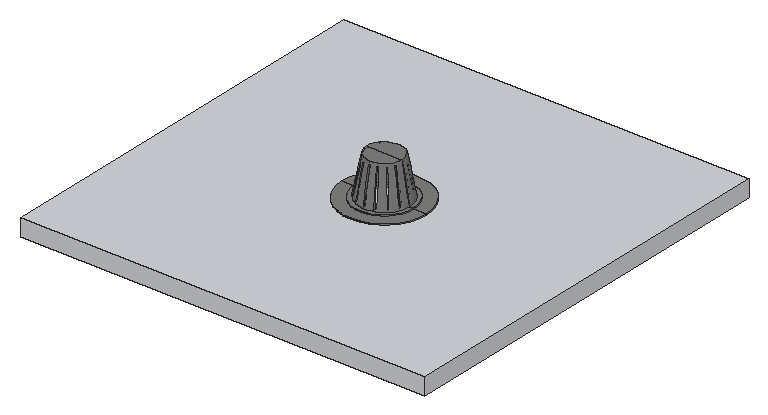
Revit family
Parameters (values of type "4"")
  URL = "WWW.MIFAB.COM"
  Top Diameter = 20.000"  # constant formula
  Roof Drain = Roof Drain
  R1 = 5.000"
  Pipe Radius = 2.000"
  Pipe Diameter = Pipe Radius * 2  # 4.000"
  Model = "R1200-Z"
  Manufacturer = "MIFAB"
  H3 = Body Height / 3.375  # 1.81481"
  H2 = Body Height / 1.99  # 3.07789"
  H1 = Body Height / 1.53  # 4.00327"
  Description = "LARGE SUMP DEXOTEX ROOF DRAIN WITH WIDE DECK FLANGE FOR LIQUID MEMBRANE ROOF"
  Default Elevation = 48.000"
  Body Height = 6.125"
Types (7): name | Pipe Radius | Pipe Diameter | H3 | H2 | H1 | Body Height
  (no name) | 2.000" | 4.000" | 1.81481" | 3.07789" | 4.00327" | 6.125"
  4" | 2.000" | 4.000" | 1.81481" | 3.07789" | 4.00327" | 6.125"
  2" | 1.000" | 2.000" | 1.81481" | 3.07789" | 4.00327" | 6.125"
  3" | 1.500" | 3.000" | 1.81481" | 3.07789" | 4.00327" | 6.125"
  5" | 2.500" | 5.000" | 1.81481" | 3.07789" | 4.00327" | 6.125"
  6" | 3.000" | 6.000" | 2.37037" | 4.0201" | 5.22876" | 8.000"
  8" | 4.000" | 8.000" | 2.37037" | 4.0201" | 5.22876" | 8.000"
Reference planes (in)
  plane 1 "Center (Front/Back)": y = 0
  plane 2: z = 0
  plane 3 "Center (Left/Right)": x = 0
  plane 4: x = 2.2
  plane 5: x = 4.25
  plane 6: x = 4.5
  plane 7: x = 5
  plane 8: x = 10
  plane 9: x = 2
  plane 10: z = -6.125
  plane 11: z = -4.00327
  plane 12: z = -3.07789
  plane 13: z = -0.2
  plane 14: z = 0.2085
  plane 15: z = -1.81481
  plane 16: x = 4.2
  plane 17: z = 9.7
  plane 18: x = 6
  plane 19: x = -0.25
  plane 20: x = 0.25
  plane 21: z = 9.2
  plane 22: z = 0.7085
  plane 23: x = -10
  plane 24: x = -4.2
  plane 25: z = 3.5
  plane 26: x = 7
  plane 27: x = -7
Forms (in)
  Extrusion 1, solid
    sketch origin (0, 0, 0) x (1, 0, 0) y (0, 1, 0)
      loop
        line (-48, 48) -> (-48, -48) -> (48, -48) -> (48, 48) -> (-48, 48)
    from 0 to -4
  Revolve 2, solid, material "Roof Drain" <- "Roof Drain"
    sketch origin (0, 0, 0) x (1, 0, 0) y (0, 0, 1)
      loop
        line (2.2, -6.125) -> (2.2, -4.00327) -> (4.25, -4.00327) -> (4.5, -0.2) -> (5, -0.2) -> (5, 0) -> (10, 0) -> (10, 0.2085) -> (7, 0.2085) -> (7, 0.396) -> (4.32629, 0.396) -> (4.05026, -3.80327) -> (2, -3.80327) -> (2, -6.125) -> (2.2, -6.125)
      axis (0, 0.396) -> (0, -6.125)
    angle from 0 to 360
  Revolve 3, solid, material "Roof Drain" <- "Roof Drain"
    sketch origin (0, 0, 0) x (1, 0, 0) y (0, 0, 1)
      loop
        line (0, 9.7) -> (0, 9.5) -> (4.03436, 9.5) -> (5.76088, 0.396) -> (5.96444, 0.396) -> (4.2, 9.7) -> (0, 9.7)
      axis (0, 0.396) -> (0, 9.7)
    angle from 0 to 360
  Extrusion 4, void
    sketch origin (0, 0, 0) x (1, 0, 0) y (0, 0, 1)
      loop
        line (-0.25, 9.2) -> (-0.25, 0.7085) -> (0.25, 0.7085) -> (0.25, 9.2) -> (-0.25, 9.2)
    from -6.43838 to 6.34689
  Extrusion 5, void
    sketch origin (0, 0, 0) x (0.92388, -0.382683, 0) y (0, 0, 1)
      loop
        line (-0.25, 9.2) -> (-0.25, 0.7085) -> (0.25, 0.7085) -> (0.25, 9.2) -> (-0.25, 9.2)
    from -6.43838 to 6.34689
  Extrusion 6, void
    sketch origin (0, 0, 0) x (0.92388, 0.382683, 0) y (0, 0, 1)
      loop
        line (-0.25, 9.2) -> (-0.25, 0.7085) -> (0.25, 0.7085) -> (0.25, 9.2) -> (-0.25, 9.2)
    from -6.43838 to 6.34689
  Extrusion 7, void
    sketch origin (0, 0, 0) x (0.707107, 0.707107, 0) y (0, 0, 1)
      loop
        line (-0.25, 9.2) -> (-0.25, 0.7085) -> (0.25, 0.7085) -> (0.25, 9.2) -> (-0.25, 9.2)
    from -6.43838 to 6.34689
  Extrusion 8, void
    sketch origin (0, 0, 0) x (0.382683, 0.92388, 0) y (0, 0, 1)
      loop
        line (-0.25, 9.2) -> (-0.25, 0.7085) -> (0.25, 0.7085) -> (0.25, 9.2) -> (-0.25, 9.2)
    from -6.43838 to 6.34689
  Extrusion 9, void
    sketch origin (0, 0, 0) x (0, 1, 0) y (0, 0, 1)
      loop
        line (-0.25, 9.2) -> (-0.25, 0.7085) -> (0.25, 0.7085) -> (0.25, 9.2) -> (-0.25, 9.2)
    from -6.43838 to 6.34689
  Extrusion 10, void
    sketch origin (0, 0, 0) x (-0.382683, 0.92388, 0) y (0, 0, 1)
      loop
        line (-0.25, 9.2) -> (-0.25, 0.7085) -> (0.25, 0.7085) -> (0.25, 9.2) -> (-0.25, 9.2)
    from -6.43838 to 6.34689
  Extrusion 11, void
    sketch origin (0, 0, 0) x (-0.707107, 0.707107, 0) y (0, 0, 1)
      loop
        line (-0.25, 9.2) -> (-0.25, 0.7085) -> (0.25, 0.7085) -> (0.25, 9.2) -> (-0.25, 9.2)
    from -6.43838 to 6.34689
Cuts and joins
  Extrusion 4, Extrusion 5, Extrusion 6, Extrusion 7, Extrusion 8, Extrusion 9, Extrusion 10, Extrusion 11 cuts Revolve 3
Dimensions and locks (in)
  "Pipe Radius": plane 9 to plane 3 "Center (Left/Right)"
  locked: plane 4 to plane 9 at 0.2
  "R1": plane 7 to plane 3 "Center (Left/Right)"
  locked: plane 5 to plane 3 "Center (Left/Right)" at 4.25
  locked: plane 6 to plane 3 "Center (Left/Right)" at 4.5
  "Body Height": level to plane 10
  level to plane 13 = 0.200"
  "H3": level to plane 15
  "H2": Extrusion 1 to plane 12
  "H1": level to plane 11
  locked: plane 18 to plane 3 "Center (Left/Right)" at 6
  locked: plane 17 to Revolve 3 sketch curve at 0.2
  locked: Revolve 3 sketch curve to Revolve 3 sketch curve at 0.2
  locked: Revolve 2 sketch curve to Revolve 2 sketch curve at 0.2
  locked: Revolve 2 sketch curve to Revolve 2 sketch curve at 0.21243
  locked: plane 17 to plane 21 at 0.5
  locked: plane 22 to plane 14 at 0.5
  equal spacing: plane 23, plane 3 "Center (Left/Right)", plane 8
  "Top Diameter": plane 23 to plane 8
  plane 24 to plane 16 = 8.400"
  plane 24 to plane 3 "Center (Left/Right)" to plane 16 = 4.200" locked, 4.200" locked
  plane 25 to level = 3.500"
  equal spacing: plane 26, plane 3 "Center (Left/Right)", plane 27
  plane 26 to plane 27 = 14.000"
  aligned and locked: plane 2 to Extrusion 1
  aligned and locked: level to Extrusion 1
  aligned and locked: Revolve 2 sketch curve to plane 10
  aligned and locked: Revolve 2 sketch curve to plane 4
  aligned and locked: Revolve 2 sketch curve to plane 13
  aligned and locked: Revolve 2 sketch curve to plane 7
  aligned and locked: Extrusion 1 to Revolve 2 sketch curve
  aligned and locked: Revolve 2 sketch curve to plane 14
  aligned and locked: Revolve 2 sketch curve to plane 3 "Center (Left/Right)"
  aligned and locked: plane 9 to Revolve 2 sketch curve
  aligned and locked: Revolve 2 sketch curve to plane 11
  aligned and locked: plane 3 "Center (Left/Right)" to Revolve 3 sketch curve  (x2)
  aligned and locked: Revolve 3 sketch curve to plane 17
  aligned and locked: plane 16 to Revolve 3 sketch curve
  aligned and locked: Revolve 2 sketch curve to plane 8
  aligned and locked: Revolve 2 to Revolve 3 sketch curve
Automatic sketch dimensions
  Extrusion 1 sketch curve to Extrusion 1 sketch curve = 96.000"  (x2)
  Revolve 3 sketch curve to plane 18 = 0.03556"
  Revolve 3 sketch curve to Revolve 3 sketch curve = 5.000"
  Revolve 3 sketch curve to Revolve 3 sketch curve = 1.750"
  Extrusion 4 sketch curve to Extrusion 4 sketch curve = 0.500"
  Extrusion 4 sketch curve to Extrusion 4 sketch curve = 8.4915"
  Extrusion 5 sketch curve to Extrusion 5 sketch curve = 0.500"
  Extrusion 5 sketch curve to Extrusion 5 sketch curve = 8.4915"
  Extrusion 6 sketch curve to Extrusion 6 sketch curve = 0.500"
  Extrusion 6 sketch curve to Extrusion 6 sketch curve = 8.4915"
  Extrusion 7 sketch curve to Extrusion 7 sketch curve = 0.500"
  Extrusion 7 sketch curve to Extrusion 7 sketch curve = 8.4915"
  Extrusion 8 sketch curve to Extrusion 8 sketch curve = 0.500"
  Extrusion 8 sketch curve to Extrusion 8 sketch curve = 8.4915"
  Extrusion 9 sketch curve to Extrusion 9 sketch curve = 0.500"
  Extrusion 9 sketch curve to Extrusion 9 sketch curve = 8.4915"
  Extrusion 10 sketch curve to Extrusion 10 sketch curve = 0.500"
  Extrusion 10 sketch curve to Extrusion 10 sketch curve = 8.4915"
  Extrusion 11 sketch curve to Extrusion 11 sketch curve = 0.500"
  Extrusion 11 sketch curve to Extrusion 11 sketch curve = 8.4915"
  Revolve 2 sketch curve to plane 5 = 0.000"
  Revolve 2 sketch curve to plane 6 = 0.000"
  plane 26 to Revolve 2 sketch curve = 0.000"
  plane 10 to Revolve 2 sketch curve = 5.000"
  Revolve 2 sketch curve to Revolve 2 sketch curve = 11.000"
  Revolve 2 sketch curve to plane 14 = 0.1875"
Connectors (in)
  piping at (0, 0, -6.125), driven by "Pipe Radius"
    settings: on Revolve 2, index 1, connector radius 2", flow factor 0, pipe flow 0 GPM, pressure drop 0.00 psi, fitting loss kfactor 0, connector angle 0.00°, fixture units 0, flow configuration 0, flow direction 2, fitting loss method 0, system type 16, connector reference index -1, connector utility 0, adjustable connector no, is connector primary yes, fitting loss table "", connector description ""
